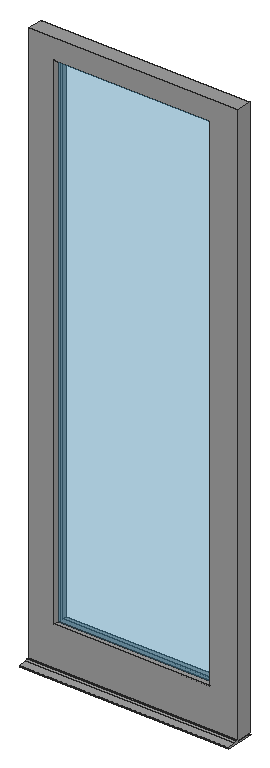
Revit family "AD-375 DOOR-1-SF_v04", category Curtain Panels, Revit 2015
Parameters
  Width [instance] = 3' - 2"
  URL = "obe.com"
  Rough Width [instance] = 3' - 0"
  Offset [instance] = 0' - 0"
  Model = "AD-375 DOOR"
  Min-Max Rough Width [instance] = if(and((Rough Width > 2' 11 255/256"), (Rough Width < 3' 6 1/256")), Rough Width, 3' 0")  # 3' - 0"
  Manufacturer = "Oldcastle BuildingEnvelope®"
  Keynote = "08 11 00"
  Hinge [instance] = yes
  Height [instance] = 8' - 0"
  Glass Material = Glass
  Frame Material = Aluminum
  Door Panel Height [instance] = Height + 0' 0 23/32"  # 8' - 0 23/32"
  Description = "AD-375 - 1\" Door Infill"
  Assembly Code = "B2030"
  Analytic Construction = "<None>"
  6 Bottom Rail [instance] = yes
  10 Bottom Rail [instance] = not([6 Bottom Rail])  # no
Reference planes (in)
  plane 1 "Front": y = 0
  plane 2: z = 0
  plane 3 "Center (Left/Right)": x = 0
  plane 4 "Left": x = -19
  plane 5 "Right": x = 19
  plane 6 "Top": z = 96
  plane 7: x = -18
  plane 8: x = 18
Text (in)
  text "Exterior" at (-54.29358, 31.38743, 0), in view "Ref. Level"
  text "Exterior" at (480, 41.53993, 89.60405), in view "Right"
  text "Exterior" at (-240, 57.82419, 105.78864), in view "Left"
Dimensions and locks (in)
  equal spacing: plane 4 "Left", plane 3 "Center (Left/Right)", plane 5 "Right"
  "Width": plane 4 "Left" to plane 5 "Right"
  "Height": plane 6 "Top" to plane 2
  equal spacing: plane 7, plane 3 "Center (Left/Right)", plane 8
  "Min-Max Rough Width": plane 7 to plane 8
  aligned and locked: level to plane 2
  aligned and locked: plane 3 "Center (Left/Right)" to nested 1
  aligned and locked: plane 1 "Front" to nested 1
Nested families (in)
  nested 1: "AD-375 DOOR-1-Panel_v03" at (0, -22, 0), Frame Material <- "Frame Material", Glass Material <- "Glass Material", Hinge <- "Hinge", Height <- "Door Panel Height", Width <- "Min-Max Rough Width", 6 Bottom Rail <- "6 Bottom Rail", Offset <- "Offset", type "AD-375 DOOR-1-Panel"
    with built-in parameter 1001301 3' - 0", Offset 0' - 0", Hinge yes, built-in parameter 1001300 8' - 0 23/32", Glass Material Glass, Frame Material Aluminum, Bottom Rail 0' - 6 19/32", 6 Bottom Rail yes, 10 Bottom Rail no
Definition of nested family "AD-375 DOOR-1-Panel_v03"
  Parameters (values of type "AD-375 DOOR-1-Panel")
    Width [instance] = 3' - 0"
    Offset [instance] = 0' - 1"
    Hinge [instance] = yes
    Height [instance] = 8' - 0"
    Glass Material [instance] = none
    Frame Material [instance] = none
    Bottom Rail [instance] = if([10 Bottom Rail], 0' 10 19/32", 0' 6 19/32")  # 0' - 6 19/32"
    6 Bottom Rail [instance] = yes
    10 Bottom Rail [instance] = not([6 Bottom Rail])  # no
  Reference planes (in)
    plane 1 "00": y = 19.5563
    plane 2: z = 0
    plane 3 "Center (Left/Right)": x = 0
    plane 4: z = 96
    plane 5: x = -18
    plane 6: x = 18
    plane 7 "Center (Front/Back)": y = 22
    plane 8 "Exterior": y = 20.0563
    plane 9: z = 48
    plane 10: z = 92.46875
    plane 11: z = 6.59375
    plane 12: x = -13.84147
    plane 13: y = 21
  Forms (in)
    Sweep 1, solid, material <- "Frame Material"
      path origin (0, 19.5563, 0) x (1, 0, 0) y (0, 0, 1)
        loop
          line (-17.6875, 96) -> (17.6875, 96)
      profile origin (0, 19.5563, 96) x (0, 0, 1) y (0, -1, 0)
        loop
          line (-0.71875, -1.2884) -> (-0.71875, 1.3187) -> (-3.96875, 1.3187) -> (-3.96875, 0.5) -> (-3.53125, 0.5) -> (-3.53125, -0.5) -> (-3.96875, -0.5) -> (-3.96875, -1.2884) -> (-0.71875, -1.2884)
    Sweep 2, solid, material <- "Frame Material"
      path origin (0, 19.5563, 0) x (1, 0, 0) y (0, 0, 1)
        loop
          line (17.6875, 0) -> (-17.6875, 0)
      profile origin (0, 19.5563, 0) x (0, 0, -1) y (0, -1, 0)
        loop
          line (-7.125, -0.5) -> (-7.125, -1.2884) -> (-0.375, -1.2884) -> (-0.375, 1.3187) -> (-0.256, 1.3187) -> (-0.256, -0.69426) -> (-0.1048, -1.44415) -> (0, -1.44415) -> (0, 3.05585) -> (-0.09458, 3.05585) -> (-0.256, 1.86985) -> (-0.506, 1.73385) -> (-0.506, 1.3187) -> (-7.125, 1.3187) -> (-7.125, 0.5) -> (-6.59375, 0.5) -> (-6.59375, -0.5) -> (-7.125, -0.5)
    Sweep 3, solid, material <- "Frame Material"
      path origin (0, 19.5563, 0) x (1, 0, 0) y (0, 0, 1)
        loop
          line (18, 95.28125) -> (18, 0.375)
      profile origin (18, 19.5563, 47.82813) x (0, -1, 0) y (1, 0, 0)
        loop
          line (1.3187, -4.90853) -> (1.3187, -0.3125) -> (-1.35373, -0.3125) -> (-1.35373, -0.4225) -> (-1.2884, -0.4225) -> (-1.2884, -4.90853) -> (-0.5, -4.90853) -> (-0.5, -4.47103) -> (0.5, -4.47103) -> (0.5, -4.90853) -> (1.3187, -4.90853)
    Sweep 4, solid, material <- "Frame Material"
      path origin (0, 19.5563, 0) x (1, 0, 0) y (0, 0, 1)
        loop
          line (-18, 95.28125) -> (-18, 0.375)
      profile origin (-18, 19.5563, 47.82813) x (0, -1, 0) y (1, 0, 0)
        loop
          line (-1.2884, 0.4225) -> (-1.35373, 0.4225) -> (-1.35373, 0.3125) -> (1.3187, 0.3125) -> (1.3187, 4.6055) -> (0.5, 4.6055) -> (0.5, 4.168) -> (-0.5, 4.168) -> (-0.5, 4.6055) -> (-1.2884, 4.6055) -> (-1.2884, 0.4225)
    Extrusion 5, solid, material <- "Glass Material", detail levels coarse
      sketch origin (0, 0, 0) x (1, 0, 0) y (0, 1, 0)
        loop
          line (-13.84147, 20.0563) -> (-13.84147, 19.0563) -> (13.52897, 19.0563) -> (13.52897, 20.0563) -> (-13.84147, 20.0563)
      from 6.59375 to 92.46875
    Extrusion 6, solid, material <- "Glass Material", detail levels medium+fine
      sketch origin (0, 0, 0) x (1, 0, 0) y (0, 1, 0)
        loop
          line (-13.84147, 19.0563) -> (13.52897, 19.0563) -> (13.52897, 19.3043) -> (-13.84147, 19.3043) -> (-13.84147, 19.0563)
        loop
          line (13.52897, 20.0563) -> (-13.84147, 20.0563) -> (-13.84147, 19.8083) -> (13.52897, 19.8083) -> (13.52897, 20.0563)
      from 6.59375 to 92.46875
  Cuts and joins
    joined: Sweep 1, Sweep 2, Sweep 3, Sweep 4
  Lines and regions (in)
    model lines
      curve 1: line (13.52897, 20.0563, 92.46875) -> (-13.40397, 20.0563, 48)
      curve 2: line (-13.40397, 20.0563, 48) -> (13.52897, 20.0563, 6.59375)
  Dimensions and locks (in)
    equal spacing: plane 5, plane 3 "Center (Left/Right)", plane 6
    "Offset": plane 13 to plane 7 "Center (Front/Back)"
    plane 1 "00" to plane 8 "Exterior" to plane 13 = 0' - 0 1/2" locked, 0' - 0.9437"
    equal spacing: level, plane 9, plane 4
    locked: Sweep 3 sketch curve to plane 4 at 0.71875
    locked: Sweep 4 sketch curve to plane 4 at 0.71875
    Extrusion 6 sketch curve to nested 1 to Extrusion 6 sketch curve to Extrusion 6 sketch curve to Extrusion 6 sketch curve = 0' - 0.202", 0' - 0.046", 0' - 0.504", 0' - 0.248" locked
    Extrusion 5 sketch curve to plane 1 "00" to Extrusion 5 sketch curve = 0' - 0 1/2" locked, 0' - 0 1/2" locked
    locked: plane 10 to plane 4 at 3.53125
    "Bottom Rail": plane 11 to plane 2
    "Height": plane 4 to plane 2
    Sweep 1 sketch curve to plane 10 = 0' - 0 7/16"  (x2)
    locked: plane 11 to Sweep 2 sketch curve at 0.53125  (x2)
    "Width": plane 5 to plane 6
    locked: plane 5 to plane 12 at 4.15853
    locked: plane 6 to Sweep 2 sketch curve at 0.3125
    locked: Sweep 2 sketch curve to plane 5 at 0.3125
    locked: plane 6 to Sweep 1 sketch curve at 0.3125
    locked: Sweep 1 sketch curve to plane 5 at 0.3125
    locked: plane 1 "00" to nested 1 at 0.298
    locked: plane 2 to Sweep 3 sketch curve at 0.375
    locked: plane 2 to Sweep 4 sketch curve at 0.375
    aligned and locked: plane 2 to level
    aligned and locked: plane 3 "Center (Left/Right)" to nested 1
    aligned and locked: Sweep 1 sketch curve to plane 4
    aligned and locked: Sweep 2 sketch curve to level
    aligned and locked: level to nested 2
    aligned and locked: nested 2 to plane 1 "00"
    aligned and locked: Extrusion 6 to plane 10
    aligned and locked: Extrusion 5 to plane 10
    aligned and locked: plane 9 to curve 1
    aligned and locked: plane 11 to Extrusion 6
    aligned and locked: Sweep 3 sketch curve to plane 6
    aligned and locked: Sweep 4 sketch curve to plane 5
    aligned and locked: Extrusion 5 to plane 12
    aligned and locked: Extrusion 6 to plane 12  (x2)
    aligned and locked: plane 11 to curve 2
    aligned and locked: cut or joined group of Sweep 1, Sweep 2, Sweep 3, Sweep 4 to curve 1
    aligned and locked: plane 11 to Extrusion 5
    aligned and locked: Extrusion 6 sketch curve to plane 12  (x2)
    aligned and locked: Extrusion 5 sketch curve to plane 12
  Automatic sketch dimensions
    Sweep 4 sketch curve to plane 1 "00" = 0' - 1.35373"
    Sweep 4 sketch curve to Sweep 4 sketch curve = 0' - 0.06533"
    Sweep 4 sketch curve to plane 1 "00" = 0' - 0 1/2"
    plane 1 "00" to Sweep 4 sketch curve = 0' - 0 1/2"
    Sweep 4 sketch curve to Sweep 4 sketch curve = 0' - 0.8187"
    Sweep 4 sketch curve to profile plane = 0' - 0 5/16"
    Sweep 4 sketch curve to Sweep 4 sketch curve = 0' - 0.11"
    Sweep 4 sketch curve to Sweep 4 sketch curve = 0' - 3.8555"
    Sweep 4 sketch curve to Sweep 4 sketch curve = 0' - 0 7/16"  (x2)
    Sweep 3 sketch curve to plane 1 "00" = 0' - 1.35373"
    Sweep 3 sketch curve to Sweep 3 sketch curve = 0' - 0.06533"
    Sweep 3 sketch curve to plane 1 "00" = 0' - 0 1/2"
    plane 1 "00" to Sweep 3 sketch curve = 0' - 0 1/2"
    Sweep 3 sketch curve to Sweep 3 sketch curve = 0' - 0.8187"
    profile plane to Sweep 3 sketch curve = 0' - 4.90853"
    Sweep 3 sketch curve to Sweep 3 sketch curve = 0' - 0"
    Sweep 3 sketch curve to Sweep 3 sketch curve = 0' - 0 7/16"
    profile plane to Sweep 3 sketch curve = 0' - 0.4225"
    Sweep 3 sketch curve to Sweep 3 sketch curve = 0' - 0.11"
    Sweep 2 sketch curve to profile plane = 0' - 0"
    Sweep 2 sketch curve to Sweep 2 sketch curve = 0' - 0 17/32"
    profile plane to Sweep 2 sketch curve = 0' - 0.256"
    Sweep 2 sketch curve to plane 1 "00" = 0' - 1.2884"
    Sweep 2 sketch curve to plane 1 "00" = 0' - 0 1/2"
    plane 1 "00" to Sweep 2 sketch curve = 0' - 0 1/2"
    Sweep 2 sketch curve to Sweep 2 sketch curve = 0' - 0.8187"
    Sweep 2 sketch curve to Sweep 2 sketch curve = 0' - 0.41515"
    Sweep 2 sketch curve to Sweep 2 sketch curve = 0' - 0.136"
    Sweep 2 sketch curve to Sweep 2 sketch curve = 0' - 1.186"
    profile plane to Sweep 2 sketch curve = 0' - 0.09458"
    profile plane to Sweep 2 sketch curve = 0' - 0.1048"
    Sweep 2 sketch curve to Sweep 2 sketch curve = 0' - 0.15575"
    Sweep 1 sketch curve to Sweep 1 sketch curve = 0' - 0 7/16"
    profile plane to Sweep 1 sketch curve = 0' - 0 23/32"
    Sweep 1 sketch curve to plane 1 "00" = 0' - 1.2884"
    Sweep 1 sketch curve to plane 1 "00" = 0' - 0 1/2"
    plane 1 "00" to Sweep 1 sketch curve = 0' - 0 1/2"
    Sweep 1 sketch curve to Sweep 1 sketch curve = 0' - 0.8187"
    Extrusion 5 sketch curve to plane 6 = 0' - 4.47103"
    Extrusion 6 sketch curve to plane 6 = 0' - 4.47103"
    Extrusion 6 sketch curve to Extrusion 6 sketch curve = 0' - 0"
    curve 1 to plane 10 = 0' - 0"
    plane 12 to curve 2 = 0' - 0 7/16"
    curve 2 to plane 6 = 0' - 4.47103"
    Sweep 2 sketch curve to Sweep 2 sketch curve = 0' - 0 1/4"  (x2)
    Sweep 2 sketch curve to Sweep 2 sketch curve = 0' - 0.119"
    Sweep 2 sketch curve to Sweep 2 sketch curve = 0' - 0"
    Sweep 2 sketch curve to Sweep 2 sketch curve = 0' - 0.59414"
  Nested families (in)
    nested 1: "AD-375 DOOR-1-Plan View" at (0, 19.8543, 0), Width <- "Width", Hinge <- "Hinge", type "AD-375 DOOR-1-Plan View"
      with Width 3' - 0", Hinge yes
    nested 2: "AD-375 DOOR-1-Section" at (0, 19.5563, 0) x (0, -1, 0) z (1, 0, 0), Height <- "Height", 6 Bottom Rail <- "6 Bottom Rail", type "AD-375 DOOR-1-Section"
      with Height 8' - 0", Bottom Rail 0' - 6 19/32", 6 Bottom Rail yes, 10 Bottom Rail no
  Definition of nested family "AD-375 DOOR-1-Plan View"
    Parameters (values of type "AD-375 DOOR-1-Plan View")
      Width [instance] = 3' - 6"
      Hinge [instance] = yes
    Reference planes (in)
      plane 1 "Center (Front/Back)": y = 0
      plane 2: z = 0
      plane 3 "Center (Left/Right)": x = 0
      plane 4: x = -21
      plane 5: x = 21
      plane 6: x = 19.04528
      plane 7: y = 42
      plane 8: y = 37.84451
      plane 9: x = -16.84147
    Lines and regions (in)
      detail lines, in view "Ref. Level", not visible
        curve 1: line (-16.84147, 0.5, 0) -> (16.84147, 0.5, 0)
        curve 2: line (16.84147, 0.252, 0) -> (-16.84147, 0.252, 0)
        curve 3: line (-16.84147, -0.252, 0) -> (16.84147, -0.252, 0)
        curve 4: line (16.84147, -0.5, 0) -> (-16.84147, -0.5, 0)
      detail lines, in view "Ref. Level"
        curve 5: line (18.54528, 37.84451, 0) -> (18.54528, 5.51268, 0)
        curve 14: line (19.54528, 37.84451, 0) -> (19.54528, 5.51268, 0)
        curve 15: arc (-20.69697, 0, 0) -> (-9.16739, 28.78482, 0) -> (19.04528, 41.65113, 0) r 41.69697
      detail lines, in view "Ref. Level", detail levels fine
        curve 6: line (18.60728, 37.84451, 0) -> (18.60728, 5.51268, 0)
        curve 7: line (18.66928, 37.84451, 0) -> (18.66928, 5.51268, 0)
        curve 8: line (18.73128, 37.84451, 0) -> (18.73128, 5.51268, 0)
        curve 11: line (19.35928, 37.84451, 0) -> (19.35928, 5.51268, 0)
        curve 12: line (19.42128, 37.84451, 0) -> (19.42128, 5.51268, 0)
        curve 13: line (19.48328, 37.84451, 0) -> (19.48328, 5.51268, 0)
      detail lines, in view "Ref. Level", detail levels medium+fine
        curve 9: line (18.79328, 37.84451, 0) -> (18.79328, 5.51268, 0)
        curve 10: line (19.29728, 37.84451, 0) -> (19.29728, 5.51268, 0)
    Dimensions and locks (in)
      "Width": plane 4 to plane 5
      equal spacing: plane 4, plane 3 "Center (Left/Right)", plane 5
      nested 1 to nested 5 to plane 1 "Center (Front/Back)" = 0' - 0.09545" locked, 0' - 1.04735" locked
      plane 8 to plane 7 to nested 3 = 0' - 4.15549" locked, 0' - 2 1/2" locked
      "Width": plane 1 "Center (Front/Back)" to plane 7
      plane 6 to plane 5 to nested 5 to nested 2 = 0' - 1.95472" locked, 0' - 1.69941" locked, 0' - 0.79754" locked
      nested 4 to plane 4 to plane 9 = 0' - 2.49695" locked, 0' - 4.15853" locked
      aligned and locked: nested 2 to plane 1 "Center (Front/Back)"
      aligned and locked: plane 1 "Center (Front/Back)" to nested 4
      aligned and locked: plane 6 to nested 3
      aligned and locked: nested 1 to plane 6
    Automatic sketch dimensions
      plane 1 "Center (Front/Back)" to curve 15 = 0' - 0"
      curve 1 to plane 9 = 0' - 0"
      curve 4 to plane 9 = 0' - 0"
      curve 2 to plane 9 = 0' - 0"
      curve 3 to plane 9 = 0' - 0"
      plane 8 to curve 5 = 0' - 0"
      plane 8 to curve 6 = 0' - 0"
      plane 8 to curve 7 = 0' - 0"
      plane 8 to curve 8 = 0' - 0"
      plane 8 to curve 9 = 0' - 0"
      curve 15 to plane 6 = 0' - 0"
      plane 8 to curve 10 = 0' - 0"
      plane 8 to curve 11 = 0' - 0"
      plane 8 to curve 12 = 0' - 0"
      plane 8 to curve 13 = 0' - 0"
      plane 8 to curve 14 = 0' - 0"
      curve 15 to plane 5 = 0' - 0"
      plane 4 to curve 15 = 0' - 0.30303"
      plane 1 "Center (Front/Back)" to curve 4 = 0' - 0 1/2"
      plane 6 to curve 4 = 0' - 2.20381"
      curve 2 to plane 1 "Center (Front/Back)" = 0' - 0.252"
      curve 2 to curve 4 = 0' - 0"
      curve 1 to curve 2 = 0' - 0"
      curve 3 to curve 4 = 0' - 0"
      plane 6 to curve 5 = 0' - 0 1/2"
      curve 5 to curve 6 = 0' - 0.062"
      curve 6 to curve 7 = 0' - 0.062"
      curve 7 to curve 8 = 0' - 0.062"
      curve 8 to curve 9 = 0' - 0.062"
      curve 10 to plane 6 = 0' - 0.252"
      curve 10 to curve 11 = 0' - 0.062"
      curve 11 to curve 12 = 0' - 0.062"
      curve 12 to curve 13 = 0' - 0.062"
      curve 13 to curve 14 = 0' - 0.062"
      curve 4 to curve 3 = 0' - 0.248"
      curve 2 to curve 1 = 0' - 0.248"
      curve 1 to curve 5 = 0' - 5.01268"
      curve 5 to curve 6 = 0' - 0"
      curve 6 to curve 14 = 0' - 0"
      curve 6 to curve 7 = 0' - 0"
      curve 13 to curve 14 = 0' - 0"
      curve 7 to curve 8 = 0' - 0"
      curve 12 to curve 13 = 0' - 0"
      curve 8 to curve 9 = 0' - 0"
      curve 11 to curve 12 = 0' - 0"
      curve 10 to curve 11 = 0' - 0"
    Nested families (in)
      nested 1: "HINGE-HD-DI" at (19.04528, -1.1428, 0) x (0, 1, 0) z (0, 0, 1), type "HINGE-HD-DI", in view "Ref. Level"
      nested 2: "HINGE-HD-DI" at (23.49695, 0, 0) x (-1, 0, 0) z (0, 0, 1), type "HINGE-HD-DI", in view "Ref. Level", not visible
      nested 3: "HINGE-HD-DI" at (19.04528, 44.5, 0) x (0, -1, 0) z (0, 0, 1), type "HINGE-HD-DI", in view "Ref. Level"
      nested 4: "HINGE-HD-DI" at (-23.49695, 0, 0), type "HINGE-HD-DI", in view "Ref. Level", not visible
      nested 5: "HINGE-DI" at (22.69941, -1.04735, 0), visible <- "Hinge", type "HINGE-DI", in view "Ref. Level"
    Definition of nested family "HINGE-HD-DI"
      Reference planes (in)
        plane 1 "Center (Front/Back)": y = 0
        plane 2: z = 0
        plane 3 "Center (Left/Right)": x = 0
      Lines and regions (in)
        detail lines, in view "Ref. Level"
          curve 1: line (2.79998, 0.4063, 0) -> (2.79998, -1.35373, 0)
          curve 2: line (2.82157, 1.22717, 0) -> (2.79998, 0.4063, 0)
          curve 3: arc (2.91554, 1.3187, 0) -> (2.84995, 1.29204, 0) -> (2.82157, 1.22717, 0) r 0.094
          curve 4: line (7.09299, 0.5, 0) -> (7.09299, 1.3187, 0)
          curve 5: line (6.65549, 0.5, 0) -> (7.09299, 0.5, 0)
          curve 6: line (6.65549, -0.5, 0) -> (6.65549, 0.5, 0)
          curve 7: line (7.09299, -0.5, 0) -> (6.65549, -0.5, 0)
          curve 8: line (7.09299, -1.31872, 0) -> (7.09299, -0.5, 0)
          curve 9: line (2.90998, -1.31872, 0) -> (7.09299, -1.31872, 0)
          curve 10: line (2.90998, -1.35373, 0) -> (2.90998, -1.31872, 0)
          curve 11: line (2.79998, -1.35373, 0) -> (2.90998, -1.35373, 0)
          curve 12: line (2.91554, 1.3187, 0) -> (7.09299, 1.3187, 0)
    Definition of nested family "HINGE-DI"
      Reference planes (in)
        plane 1 "Center (Front/Back)": y = 0
        plane 2: z = 0
        plane 3 "Center (Left/Right)": x = 0
  Definition of nested family "AD-375 DOOR-1-Section"
    Parameters (values of type "AD-375 DOOR-Double-1-Section")
      Height [instance] = 8' - 0"
      Bottom Rail [instance] = if([10 Bottom Rail], 0' 10 19/32", 0' 6 19/32")  # 0' - 10 19/32"
      6 Bottom Rail [instance] = no
      10 Bottom Rail [instance] = not([6 Bottom Rail])  # yes
    Reference planes (in)
      plane 1 "Center (Front/Back)": y = 0
      plane 2: z = 0
      plane 3 "Center (Left/Right)": x = 0
      plane 4: y = 92.46875
      plane 5: y = 96
      plane 6: y = 10.59375
    Lines and regions (in)
      detail lines, in view "Ref. Level"
        curve 1: line (-0.5, 92.46875, 0) -> (-0.5, 10.59375, 0)
        curve 10: line (0.5, 92.46875, 0) -> (0.5, 10.59375, 0)
      detail lines, in view "Ref. Level", detail levels fine
        curve 2: line (-0.438, 92.46875, 0) -> (-0.438, 10.59375, 0)
        curve 3: line (-0.376, 92.46875, 0) -> (-0.376, 10.59375, 0)
        curve 4: line (-0.314, 92.46875, 0) -> (-0.314, 10.59375, 0)
        curve 7: line (0.314, 92.46875, 0) -> (0.314, 10.59375, 0)
        curve 8: line (0.376, 92.46875, 0) -> (0.376, 10.59375, 0)
        curve 9: line (0.438, 92.46875, 0) -> (0.438, 10.59375, 0)
      detail lines, in view "Ref. Level", detail levels medium+fine
        curve 5: line (-0.252, 92.46875, 0) -> (-0.252, 10.59375, 0)
        curve 6: line (0.252, 92.46875, 0) -> (0.252, 10.59375, 0)
    Dimensions and locks (in)
      nested 1 to plane 5 to plane 4 = 0' - 3 5/32" locked, 0' - 3 17/32" locked
      "Height": plane 1 "Center (Front/Back)" to plane 5
      "Bottom Rail": plane 1 "Center (Front/Back)" to plane 6
      aligned and locked: plane 3 "Center (Left/Right)" to nested 2
      aligned and locked: plane 3 "Center (Left/Right)" to nested 3
      aligned and locked: plane 4 to curve 1
      aligned and locked: plane 4 to curve 2
      aligned and locked: plane 4 to curve 3
      aligned and locked: plane 4 to curve 4
      aligned and locked: plane 4 to curve 5
      aligned and locked: plane 4 to curve 6
      aligned and locked: plane 4 to curve 7
      aligned and locked: plane 4 to curve 8
      aligned and locked: plane 4 to curve 9
      aligned and locked: plane 4 to curve 10
      aligned and locked: plane 3 "Center (Left/Right)" to nested 1
      aligned and locked: plane 6 to curve 10
      aligned and locked: plane 1 "Center (Front/Back)" to nested 2
      aligned and locked: plane 1 "Center (Front/Back)" to nested 3
    Automatic sketch dimensions
      curve 1 to plane 3 "Center (Left/Right)" = 0' - 0 1/2"
      curve 1 to curve 2 = 0' - 0.062"
      curve 2 to curve 3 = 0' - 0.062"
      curve 3 to curve 4 = 0' - 0.062"
      curve 4 to curve 5 = 0' - 0.062"
      plane 3 "Center (Left/Right)" to curve 6 = 0' - 0.252"
      curve 6 to curve 7 = 0' - 0.062"
      curve 7 to curve 8 = 0' - 0.062"
      curve 8 to curve 9 = 0' - 0.062"
      curve 9 to curve 10 = 0' - 0.062"
      curve 1 to curve 10 = 0' - 0"
      curve 9 to curve 10 = 0' - 0"
      curve 1 to curve 2 = 0' - 0"
      curve 8 to curve 9 = 0' - 0"
      curve 2 to curve 3 = 0' - 0"
      curve 7 to curve 8 = 0' - 0"
      curve 3 to curve 4 = 0' - 0"
      curve 6 to curve 7 = 0' - 0"
      curve 4 to curve 5 = 0' - 0"
    Nested families (in)
      nested 1: "TOP RAIL HINGE" at (0, 99.15625, 0), type "TOP RAIL-DI", in view "Ref. Level"
      nested 2: "6 BOTTOM RAIL" at (0, 7.12504, 0), visible <- "6 Bottom Rail", type "8 BOTTOM RAIL", in view "Ref. Level"
      nested 3: "10 BOTTOM RAIL" at (0, 11.12508, 0), visible <- "10 Bottom Rail", type "10 BOTTOM RAIL", in view "Ref. Level"
    Definition of nested family "TOP RAIL HINGE"
      Reference planes (in)
        plane 1 "Center (Front/Back)": y = 0
        plane 2: z = 0
        plane 3 "Center (Left/Right)": x = 0
      Lines and regions (in)
        detail lines, in view "Ref. Level"
          curve 1: line (1.3187, -3.875, 0) -> (-1.2884, -3.875, 0)
          curve 2: line (-1.2884, -3.875, 0) -> (-1.2884, -7.125, 0)
          curve 3: line (-1.2884, -7.125, 0) -> (-0.5, -7.125, 0)
          curve 4: line (-0.5, -7.125, 0) -> (-0.5, -6.6875, 0)
          curve 5: line (-0.5, -6.6875, 0) -> (0.5, -6.6875, 0)
          curve 6: line (0.5, -6.6875, 0) -> (0.5, -7.125, 0)
          curve 7: line (0.5, -7.125, 0) -> (1.3187, -7.125, 0)
          curve 8: line (1.3187, -7.125, 0) -> (1.3187, -3.875, 0)
    Definition of nested family "6 BOTTOM RAIL"
      Types (2): name
        6 BOTTOM RAIL
        8 BOTTOM RAIL
      Reference planes (in)
        plane 1 "Center (Front/Back)": y = 0
        plane 2: z = 0
        plane 3 "Center (Left/Right)": x = 0
      Lines and regions (in)
        detail lines, in view "Ref. Level"
          curve 1: line (0.5, -0.53204, 0) -> (-0.5, -0.53204, 0)
          curve 2: line (-0.5, -0.53204, 0) -> (-0.5, 0, 0)
          curve 3: line (-0.5, 0, 0) -> (-1.2884, 0, 0)
          curve 4: line (-1.2884, 0, 0) -> (-1.2884, -6.75004, 0)
          curve 5: line (-1.2884, -6.75004, 0) -> (1.3187, -6.75004, 0)
          curve 6: line (1.3187, -6.75004, 0) -> (1.3187, 0, 0)
          curve 7: line (1.3187, 0, 0) -> (0.5, 0, 0)
          curve 8: line (0.5, 0, 0) -> (0.5, -0.53204, 0)
          curve 9: line (0.5, -0.53204, 0) -> (-0.5, -0.53204, 0)
          curve 10: line (-0.5, -0.53204, 0) -> (-0.5, 0, 0)
          curve 11: line (-0.5, 0, 0) -> (-1.2884, 0, 0)
          curve 12: line (-1.2884, 0, 0) -> (-1.2884, -6.75004, 0)
          curve 13: line (-1.2884, -6.75004, 0) -> (1.3187, -6.75004, 0)
          curve 14: line (1.3187, -6.75004, 0) -> (1.3187, 0, 0)
          curve 15: line (1.3187, 0, 0) -> (0.5, 0, 0)
          curve 16: line (-0.69426, -6.86904, 0) -> (1.3187, -6.86904, 0)
          curve 17: line (-1.33799, -6.99884, 0) -> (-0.69426, -6.86904, 0)
          curve 18: arc (-1.33799, -6.99884, 0) -> (-1.40969, -7.04655, 0) -> (-1.44514, -7.12504, 0) r 0.156
          curve 19: line (3.05585, -7.12504, 0) -> (-1.44514, -7.12504, 0)
          curve 20: arc (3.05585, -7.05876, 0) -> (3.04745, -7.03638, 0) -> (3.0264, -7.02507, 0) r 0.034
          curve 21: line (3.05585, -7.05876, 0) -> (3.05585, -7.12504, 0)
          curve 22: line (1.86985, -6.86904, 0) -> (3.0264, -7.02507, 0)
          curve 23: line (1.73385, -6.61904, 0) -> (1.86985, -6.86904, 0)
          curve 24: line (1.3187, -6.61904, 0) -> (1.73385, -6.61904, 0)
          curve 25: line (1.3187, -6.86904, 0) -> (1.3187, -6.61904, 0)
    Definition of nested family "10 BOTTOM RAIL"
      Reference planes (in)
        plane 1 "Center (Front/Back)": y = 0
        plane 2: z = 0
        plane 3 "Center (Left/Right)": x = 0
      Lines and regions (in)
        detail lines, in view "Ref. Level"
          curve 1: line (-1.2884, 0, 0) -> (-1.2884, -10.75008, 0)
          curve 2: line (-1.2884, -10.75008, 0) -> (1.3187, -10.75008, 0)
          curve 3: line (1.3187, -10.75008, 0) -> (1.3187, 0, 0)
          curve 4: line (1.3187, 0, 0) -> (0.5, 0, 0)
          curve 5: line (0.5, 0, 0) -> (0.5, -0.53204, 0)
          curve 6: line (0.5, -0.53204, 0) -> (-0.5, -0.53204, 0)
          curve 7: line (-0.5, -0.53204, 0) -> (-0.5, 0, 0)
          curve 8: line (-0.5, 0, 0) -> (-1.2884, 0, 0)
          curve 9: line (0.5, -0.53204, 0) -> (-0.5, -0.53204, 0)
          curve 10: line (-0.5, -0.53204, 0) -> (-0.5, 0, 0)
          curve 11: line (-0.5, 0, 0) -> (-1.2884, 0, 0)
          curve 12: line (-1.2884, 0, 0) -> (-1.2884, -10.75008, 0)
          curve 13: line (-1.2884, -10.75008, 0) -> (1.3187, -10.75008, 0)
          curve 14: line (1.3187, -10.75008, 0) -> (1.3187, 0, 0)
          curve 15: line (1.3187, 0, 0) -> (0.5, 0, 0)
          curve 16: line (0.5, 0, 0) -> (0.5, -0.53204, 0)
          curve 17: line (-0.69426, -10.86908, 0) -> (1.3187, -10.86908, 0)
          curve 18: line (-1.33799, -10.99888, 0) -> (-0.69426, -10.86908, 0)
          curve 19: arc (-1.33799, -10.99888, 0) -> (-1.40969, -11.0466, 0) -> (-1.44514, -11.12508, 0) r 0.156
          curve 20: line (3.05585, -11.12508, 0) -> (-1.44514, -11.12508, 0)
          curve 21: line (3.05585, -11.0588, 0) -> (3.05585, -11.12508, 0)
          curve 22: arc (3.05585, -11.0588, 0) -> (3.04745, -11.03643, 0) -> (3.0264, -11.02511, 0) r 0.034
          curve 23: line (1.86985, -10.86908, 0) -> (3.0264, -11.02511, 0)
          curve 24: line (1.73385, -10.61908, 0) -> (1.86985, -10.86908, 0)
          curve 25: line (1.3187, -10.61908, 0) -> (1.73385, -10.61908, 0)
          curve 26: line (1.3187, -10.86908, 0) -> (1.3187, -10.61908, 0)
